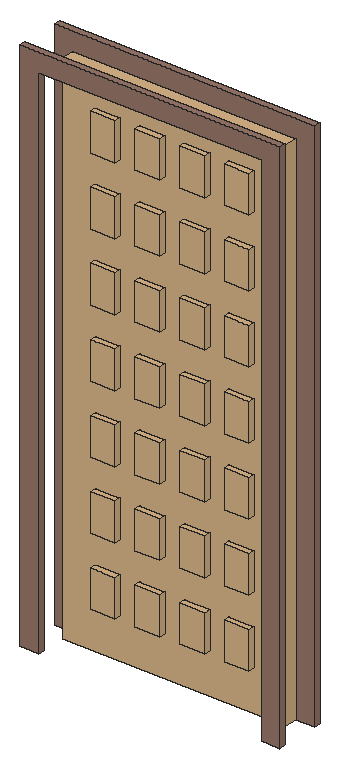
Revit family "Paneled", category Doors, host Wall, Revit 2017
Family settings
  Host = Wall
  OmniClass Number = 23.30.10.00
  OmniClass Title = Doors
  Always vertical = Yes
  Cut with Voids When Loaded = No
  Shared = No
  Room Calculation Point = No
Parameters (values of type "36" x 84"")
  Visual Light Transmittance = 0
  Thickness = 0' - 2"
  Thermal Resistance (R) = 1.5338 (h·ft²·°F)/BTU
  Solar Heat Gain Coefficient = 0
  Construction Type Id = "MDOOR"
  Heat Transfer Coefficient (U) = 0.6520 BTU/(h·ft²·°F)
  Function = Interior
  Assembly Code = "C1020"
  Door Material = Door - Panel
  Frame Material = Door - Frame
  Height = 7' - 0"
  Trim Projection Ext = 0' - 1"
  Trim Projection Int = 0' - 1"
  Trim Width = 0' - 3"
  Wall Closure = By host
  Width = 3' - 0"
  Analytic Construction = "Metal"
Types (12): name | Thickness | Door Material | Frame Material | Height | Width
  36" x 84" | 0' - 2" | Door - Panel | Door - Frame | 7' - 0" | 3' - 0"
  36" x 80" | 0' - 2" | Door - Panel | Door - Frame | 6' - 8" | 3' - 0"
  3' - 4"  x 6' - 8" | 0' - 2" | Door - Panel | Door - Frame | 6' - 8" | 3' - 4"
  32" x 80" | 0' - 2" | Door - Panel | Door - Frame | 6' - 8" | 2' - 8"
  3' - 4" x 6' - 8" | 0' - 2" | Door - Panel | Door - Frame | 6' - 8" | 3' - 4"
  35" x 81.5" | 0' - 2" | Door - Panel | Door - Frame | 6' - 9 1/2" | 2' - 11"
  36" x 96" | 0' - 2" | Door - Panel | Door - Frame | 8' - 0" | 3' - 0"
  32" TP | 0' - 0 3/4" | Door - Panel | Door - Frame | 7' - 0" | 2' - 8"
  32" | 0' - 2" | Door - Panel | Door - Frame | 7' - 0" | 2' - 8"
  26" TP | 0' - 0 3/4" | Door - Panel | Door - Frame | 7' - 0" | 2' - 3"
  27" | 0' - 2" | Door - Panel | Door - Frame | 7' - 0" | 2' - 3"
  42" x 80" | 0' - 2" | Metal Trim | Metal Trim | 6' - 8" | 3' - 6"
Reference planes (in)
  plane 1: y = 0
  plane 2: z = 0
  plane 3: x = 0
  plane 4: x = -18
  plane 5: x = 18
  plane 6: z = 84
Forms (in)
  Extrusion 1, solid, material "Door - Panel" <- "Door Material"
    sketch origin (0, 0, 0) x (1, 0, 0) y (0, 0, 1)
      loop
        line (-18, 84) -> (-18, 0) -> (18, 0) -> (18, 84) -> (-18, 84)
      loop
        line (12.80078, 78.5) -> (8.80078, 78.5) -> (8.80078, 72.5) -> (12.80078, 72.5) -> (12.80078, 78.5)
      loop
        line (5.60156, 78.5) -> (1.60156, 78.5) -> (1.60156, 72.5) -> (5.60156, 72.5) -> (5.60156, 78.5)
      loop
        line (-1.60156, 78.5) -> (-5.60156, 78.5) -> (-5.60156, 72.5) -> (-1.60156, 72.5) -> (-1.60156, 78.5)
      loop
        line (-8.80078, 78.5) -> (-12.80078, 78.5) -> (-12.80078, 72.5) -> (-8.80078, 72.5) -> (-8.80078, 78.5)
      loop
        line (12.80078, 67.5) -> (8.80078, 67.5) -> (8.80078, 61.5) -> (12.80078, 61.5) -> (12.80078, 67.5)
      loop
        line (5.60156, 67.5) -> (1.60156, 67.5) -> (1.60156, 61.5) -> (5.60156, 61.5) -> (5.60156, 67.5)
      loop
        line (-1.60156, 67.5) -> (-5.60156, 67.5) -> (-5.60156, 61.5) -> (-1.60156, 61.5) -> (-1.60156, 67.5)
      loop
        line (-8.80078, 67.5) -> (-12.80078, 67.5) -> (-12.80078, 61.5) -> (-8.80078, 61.5) -> (-8.80078, 67.5)
      loop
        line (12.80078, 56.5) -> (8.80078, 56.5) -> (8.80078, 50.5) -> (12.80078, 50.5) -> (12.80078, 56.5)
      loop
        line (5.60156, 56.5) -> (1.60156, 56.5) -> (1.60156, 50.5) -> (5.60156, 50.5) -> (5.60156, 56.5)
      loop
        line (-1.60156, 56.5) -> (-5.60156, 56.5) -> (-5.60156, 50.5) -> (-1.60156, 50.5) -> (-1.60156, 56.5)
      loop
        line (-8.80078, 56.5) -> (-12.80078, 56.5) -> (-12.80078, 50.5) -> (-8.80078, 50.5) -> (-8.80078, 56.5)
      loop
        line (12.80078, 45.5) -> (8.80078, 45.5) -> (8.80078, 39.5) -> (12.80078, 39.5) -> (12.80078, 45.5)
      loop
        line (5.60156, 45.5) -> (1.60156, 45.5) -> (1.60156, 39.5) -> (5.60156, 39.5) -> (5.60156, 45.5)
      loop
        line (-1.60156, 45.5) -> (-5.60156, 45.5) -> (-5.60156, 39.5) -> (-1.60156, 39.5) -> (-1.60156, 45.5)
      loop
        line (-8.80078, 45.5) -> (-12.80078, 45.5) -> (-12.80078, 39.5) -> (-8.80078, 39.5) -> (-8.80078, 45.5)
      loop
        line (12.80078, 34.5) -> (8.80078, 34.5) -> (8.80078, 28.5) -> (12.80078, 28.5) -> (12.80078, 34.5)
      loop
        line (5.60156, 34.5) -> (1.60156, 34.5) -> (1.60156, 28.5) -> (5.60156, 28.5) -> (5.60156, 34.5)
      loop
        line (-1.60156, 34.5) -> (-5.60156, 34.5) -> (-5.60156, 28.5) -> (-1.60156, 28.5) -> (-1.60156, 34.5)
      loop
        line (-8.80078, 34.5) -> (-12.80078, 34.5) -> (-12.80078, 28.5) -> (-8.80078, 28.5) -> (-8.80078, 34.5)
      loop
        line (12.80078, 23.5) -> (8.80078, 23.5) -> (8.80078, 17.5) -> (12.80078, 17.5) -> (12.80078, 23.5)
      loop
        line (5.60156, 23.5) -> (1.60156, 23.5) -> (1.60156, 17.5) -> (5.60156, 17.5) -> (5.60156, 23.5)
      loop
        line (-1.60156, 23.5) -> (-5.60156, 23.5) -> (-5.60156, 17.5) -> (-1.60156, 17.5) -> (-1.60156, 23.5)
      loop
        line (-8.80078, 23.5) -> (-12.80078, 23.5) -> (-12.80078, 17.5) -> (-8.80078, 17.5) -> (-8.80078, 23.5)
      loop
        line (12.80078, 12.5) -> (8.80078, 12.5) -> (8.80078, 6.5) -> (12.80078, 6.5) -> (12.80078, 12.5)
      loop
        line (5.60156, 12.5) -> (1.60156, 12.5) -> (1.60156, 6.5) -> (5.60156, 6.5) -> (5.60156, 12.5)
      loop
        line (-1.60156, 12.5) -> (-5.60156, 12.5) -> (-5.60156, 6.5) -> (-1.60156, 6.5) -> (-1.60156, 12.5)
      loop
        line (-8.80078, 12.5) -> (-12.80078, 12.5) -> (-12.80078, 6.5) -> (-8.80078, 6.5) -> (-8.80078, 12.5)
    from -3 to -1
  Extrusion 2, solid, material "Door - Frame" <- "Frame Material"
    sketch origin (-60, -3, 0) x (1, 0, 0) y (0, 0, 1)
      loop
        line (39, 87) -> (39, 0) -> (42, 0) -> (42, 84) -> (78, 84) -> (78, 0) -> (81, 0) -> (81, 87) -> (39, 87)
    from 0 to 1
  Extrusion 3, solid, material "Door - Frame" <- "Frame Material"
    sketch origin (-60, 3, 0) x (-1, 0, 0) y (0, 0, 1)
      loop
        line (-81, 87) -> (-81, 0) -> (-78, 0) -> (-78, 84) -> (-42, 84) -> (-42, 0) -> (-39, 0) -> (-39, 87) -> (-81, 87)
    from 0 to 1
  Extrusion 4, solid, material "Door - Panel" <- "Door Material"
    sketch origin (0, 0, 0) x (1, 0, 0) y (0, 0, 1)
      loop
        line (12.80078, 78.5) -> (8.80078, 78.5) -> (8.80078, 72.5) -> (12.80078, 72.5) -> (12.80078, 78.5)
      loop
        line (5.60156, 78.5) -> (1.60156, 78.5) -> (1.60156, 72.5) -> (5.60156, 72.5) -> (5.60156, 78.5)
      loop
        line (-1.60156, 78.5) -> (-5.60156, 78.5) -> (-5.60156, 72.5) -> (-1.60156, 72.5) -> (-1.60156, 78.5)
      loop
        line (-8.80078, 78.5) -> (-12.80078, 78.5) -> (-12.80078, 72.5) -> (-8.80078, 72.5) -> (-8.80078, 78.5)
      loop
        line (12.80078, 67.5) -> (8.80078, 67.5) -> (8.80078, 61.5) -> (12.80078, 61.5) -> (12.80078, 67.5)
      loop
        line (5.60156, 67.5) -> (1.60156, 67.5) -> (1.60156, 61.5) -> (5.60156, 61.5) -> (5.60156, 67.5)
      loop
        line (-1.60156, 67.5) -> (-5.60156, 67.5) -> (-5.60156, 61.5) -> (-1.60156, 61.5) -> (-1.60156, 67.5)
      loop
        line (-8.80078, 67.5) -> (-12.80078, 67.5) -> (-12.80078, 61.5) -> (-8.80078, 61.5) -> (-8.80078, 67.5)
      loop
        line (12.80078, 56.5) -> (8.80078, 56.5) -> (8.80078, 50.5) -> (12.80078, 50.5) -> (12.80078, 56.5)
      loop
        line (5.60156, 56.5) -> (1.60156, 56.5) -> (1.60156, 50.5) -> (5.60156, 50.5) -> (5.60156, 56.5)
      loop
        line (-1.60156, 56.5) -> (-5.60156, 56.5) -> (-5.60156, 50.5) -> (-1.60156, 50.5) -> (-1.60156, 56.5)
      loop
        line (-8.80078, 56.5) -> (-12.80078, 56.5) -> (-12.80078, 50.5) -> (-8.80078, 50.5) -> (-8.80078, 56.5)
      loop
        line (12.80078, 45.5) -> (8.80078, 45.5) -> (8.80078, 39.5) -> (12.80078, 39.5) -> (12.80078, 45.5)
      loop
        line (5.60156, 45.5) -> (1.60156, 45.5) -> (1.60156, 39.5) -> (5.60156, 39.5) -> (5.60156, 45.5)
      loop
        line (-1.60156, 45.5) -> (-5.60156, 45.5) -> (-5.60156, 39.5) -> (-1.60156, 39.5) -> (-1.60156, 45.5)
      loop
        line (-8.80078, 45.5) -> (-12.80078, 45.5) -> (-12.80078, 39.5) -> (-8.80078, 39.5) -> (-8.80078, 45.5)
      loop
        line (12.80078, 34.5) -> (8.80078, 34.5) -> (8.80078, 28.5) -> (12.80078, 28.5) -> (12.80078, 34.5)
      loop
        line (5.60156, 34.5) -> (1.60156, 34.5) -> (1.60156, 28.5) -> (5.60156, 28.5) -> (5.60156, 34.5)
      loop
        line (-1.60156, 34.5) -> (-5.60156, 34.5) -> (-5.60156, 28.5) -> (-1.60156, 28.5) -> (-1.60156, 34.5)
      loop
        line (-8.80078, 34.5) -> (-12.80078, 34.5) -> (-12.80078, 28.5) -> (-8.80078, 28.5) -> (-8.80078, 34.5)
      loop
        line (12.80078, 23.5) -> (8.80078, 23.5) -> (8.80078, 17.5) -> (12.80078, 17.5) -> (12.80078, 23.5)
      loop
        line (5.60156, 23.5) -> (1.60156, 23.5) -> (1.60156, 17.5) -> (5.60156, 17.5) -> (5.60156, 23.5)
      loop
        line (-1.60156, 23.5) -> (-5.60156, 23.5) -> (-5.60156, 17.5) -> (-1.60156, 17.5) -> (-1.60156, 23.5)
      loop
        line (-8.80078, 23.5) -> (-12.80078, 23.5) -> (-12.80078, 17.5) -> (-8.80078, 17.5) -> (-8.80078, 23.5)
      loop
        line (12.80078, 12.5) -> (8.80078, 12.5) -> (8.80078, 6.5) -> (12.80078, 6.5) -> (12.80078, 12.5)
      loop
        line (5.60156, 12.5) -> (1.60156, 12.5) -> (1.60156, 6.5) -> (5.60156, 6.5) -> (5.60156, 12.5)
      loop
        line (-1.60156, 12.5) -> (-5.60156, 12.5) -> (-5.60156, 6.5) -> (-1.60156, 6.5) -> (-1.60156, 12.5)
      loop
        line (-8.80078, 12.5) -> (-12.80078, 12.5) -> (-12.80078, 6.5) -> (-8.80078, 6.5) -> (-8.80078, 12.5)
    from -4 to 0
Lines and regions (in)
  Opening 1
    outline origin (-60, -3, 144) x (0, 0, -1) y (1, 0, 0)
      loop
        line (60, 42) -> (144, 42) -> (144, 78) -> (60, 78) -> (60, 42)
  symbolic lines, style "DoorsPanelProjection"
    curve 1: line (18, 3, 0) -> (16, 3, 0)
    curve 2: line (18, 3, 0) -> (18, 39.0111, 0)
    curve 3: line (18, 39.0111, 0) -> (16, 39.0111, 0)
    curve 4: line (16, 3, 0) -> (16, 39.0111, 0)
  model lines, style "DoorsFrameMullionProjection"
    curve 5: line (-21, -3, 0) -> (-21, -3, 87)
    curve 6: line (-21, -3, 87) -> (21, -3, 87)
    curve 7: line (21, -3, 87) -> (21, -3, 0)
    curve 8: line (21, 3, 0) -> (21, 3, 87)
    curve 9: line (-21, 3, 87) -> (21, 3, 87)
    curve 10: line (-21, 3, 87) -> (-21, 3, 0)
  symbolic lines, style "Plan Swing"
    curve 11: arc (16, 39.0111, 0) -> (-8.2005, 27.78574, 0) -> (-18.06659, 3, 0) r 36.06659
  symbolic lines, style "Elevation Swing"
    curve 12: line (-18, 0, 84) -> (18, 0, 42)
    curve 13: line (-18, 0, 0) -> (18, 0, 42)
Dimensions and locks (in)
  equal spacing: plane 4, plane 3, plane 5
  "Width": plane 4 to plane 5
  locked: host wall to curve 1
  control icon elem to plane 5 = 0' - 10.29952"
  "Height": plane 6 to plane 2
  "Trim Width": plane 4 to curve 5
  "Trim Width": plane 5 to curve 7
  "Trim Width": plane 6 to curve 6
  locked: curve 9 to host wall
  "Trim Projection Ext": Extrusion 3 to host wall
  "Trim Projection Int": Extrusion 2 to host wall
  "Thickness": curve 4 to plane 5
  "Thickness": Extrusion 1 to host wall
  equal spacing: plane 6, curve 13, level
  Extrusion 1 sketch curve to Extrusion 3 = 0' - 9 51/256"
  aligned and locked: host wall to Extrusion 1
  aligned and locked: plane 2 to curve 5
  aligned and locked: curve 7 to level
  aligned and locked: curve 8 to curve 7
  aligned and locked: curve 6 to Extrusion 2 sketch curve
  aligned and locked: Extrusion 2 sketch curve to curve 5
  aligned and locked: Extrusion 2 sketch curve to curve 7
  aligned and locked: Extrusion 2 to Extrusion 3 sketch curve
  aligned and locked: Extrusion 3 sketch curve to Extrusion 2  (x2)
  aligned and locked: Extrusion 4 sketch curve to Extrusion 1  (x112)
Automatic sketch dimensions
  Opening 1 sketch curve to plane 6 = 0' - 0"
  Opening 1 sketch curve to level = 0' - 0"
  Opening 1 sketch curve to plane 4 = 0' - 0"
  Opening 1 sketch curve to plane 5 = 0' - 0"
  Extrusion 2 sketch curve to level = 0' - 0"  (x2)
  Extrusion 2 sketch curve to plane 4 = 0' - 0"
  Extrusion 2 sketch curve to plane 5 = 0' - 0"
  Extrusion 2 sketch curve to plane 6 = 0' - 0"
  Extrusion 3 sketch curve to level = 0' - 0"  (x2)
  Extrusion 3 sketch curve to plane 5 = 0' - 0"
  Extrusion 3 sketch curve to plane 4 = 0' - 0"
  Extrusion 3 sketch curve to plane 6 = 0' - 0"
  curve 12 to plane 4 = 0' - 0"
  curve 12 to plane 6 = 0' - 0"
  curve 13 to plane 5 = 0' - 0"
  curve 8 to level = 0' - 0"
  curve 13 to level = 0' - 0"
  curve 10 to level = 0' - 0"
  curve 13 to plane 4 = 0' - 0"
  curve 9 to curve 5 = 0' - 0"
  curve 10 to curve 5 = 0' - 0"
  curve 11 to host wall = 0' - 0"
  curve 2 to plane 5 = 0' - 0"
  curve 11 to plane 5 = 0' - 0"
  host wall to curve 4 = 3' - 0.0111"
  plane 4 to Extrusion 1 sketch curve = 0' - 0"
  Extrusion 1 sketch curve to level = 0' - 0"
  plane 5 to Extrusion 1 sketch curve = 0' - 0"
  Extrusion 1 sketch curve to plane 4 = 0' - 5 51/256"  (x2)
  Extrusion 1 sketch curve to Extrusion 1 sketch curve = 0' - 0"  (x35)
  Extrusion 1 sketch curve to Extrusion 1 sketch curve = 0' - 4"  (x20)
  Extrusion 1 sketch curve to Extrusion 1 sketch curve = 0' - 3 51/256"  (x14)
  Extrusion 1 sketch curve to plane 3 = 0' - 1 77/128"  (x7)
  plane 3 to Extrusion 1 sketch curve = 0' - 1 77/128"  (x7)
  level to Extrusion 1 sketch curve = 0' - 6 1/2"  (x2)
  Extrusion 1 sketch curve to Extrusion 1 sketch curve = 0' - 6"  (x10)
  Extrusion 1 sketch curve to Extrusion 1 sketch curve = 0' - 5"  (x12)
  plane 6 to Extrusion 1 sketch curve = 0' - 5 1/2"  (x2)
  Extrusion 1 sketch curve to plane 6 = 0' - 0"
